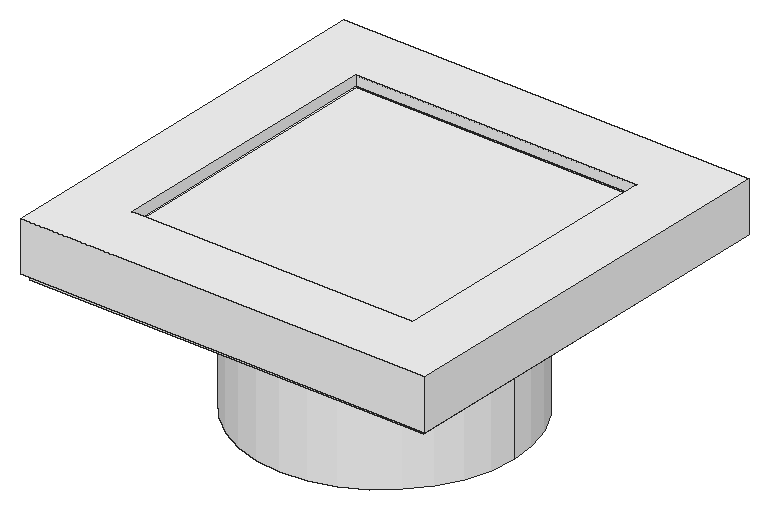
Revit family "Gira_012826", category Electrical Fixtures, host Face, Revit 2017
Family settings
  Host = Face
  Maintain Annotation Orientation = Yes
  Round Connector Dimension = Use Diameter
  Part Type = Normal
  Cut with Voids When Loaded = No
  Shared = No
  Room Calculation Point = No
Parameters (values of type "Tastschalter Wechselsch. 2f System 55 F Alu")
  Zusammenstellung = "Basiselement mit zentraler Abdeckplatte"
  White [instance] = White
  Werkstoffgüte = "sonstige"
  Werkstoff = "sonstige"
  Waschmaschinenschalter = "No"
  URL = "http://katalog.gira.de/de_DE/datenblatt.html?artikelnr=012826"
  Textfeld/Beschriftungsfläche = "nein"
  Tastschalter = "Yes"
  Schaltungsart = "Wechsel-/Wechselschalter"
  Rückmeldekontakt = "No"
  Region = "DE"
  Oberfläche = "sonstige"
  Nennspannung = "250 Volt"
  Name = "Tastschalter Wechselsch. 2f System 55 F Alu"
  Montageart = "unter Putz"
  Model = "Sys55_Komplettgerät_Schalten und Tasten"
  Mit Montageplatte = "No"
  Manufacturer URL = "https://www.gira.de/"
  HeinzeBIM = "https://bimportal.heinze.de/bim/tastschalter-wechselsch-2f-system-55-f-alu/2f7c361a5b53bc85409570c9cb43cc0e9fb6b72d"
  Halogenfrei = "No"
  HAN = "012826"
  Geeignet für Schutzart (IP) = "IP20"
  GTIN = "4010337128267"
  Farbe = "aluminium"
  Default Elevation = 1219.2 mm
  Data sheet (1) = "https://katalog.gira.de/de_DE/download.html?artikelnr=012826"
  Category = "Installationsschalter"
  Bemessungsstrom = "10 Ampere"
  Beleuchtung = "nein"
  Befestigungsart = "Krallen-/Schraubbefestigung"
  Bedienungsart = "Wippe/Taste"
  Available = "Yes"
  Anzahl der Module (bei Modulbauweise) = "1 "
  Anzahl der Betätigungswippen = "2 "
  Anschlussart = "Steckklemme"
Reference planes
  plane 1 "Center (Front/Back)": y = 0
  plane 2: z = 0
  plane 3 "Center (Left/Right)": x = 0
Forms (mm)
  Extrusion 1, solid, material "White" <- "White", detail levels medium
    sketch origin (0, 0, 0) x (1, 0, 0) y (0, 1, 0)
      loop
        line (-40.4, 40.4) -> (-40.4, -40.4) -> (40.4, -40.4) -> (40.4, 40.4) -> (-40.4, 40.4)
      loop
        line (-28, 28) -> (-28, -28) -> (28, -28) -> (28, 28) -> (-28, 28)
    from 0 to 10
  Extrusion 2, solid, material "White" <- "White", detail levels fine
    sketch origin (0, 0, 0) x (1, 0, 0) y (0, 1, 0)
      loop
        line (-40.4, 40.4) -> (-40.4, -40.4) -> (40.4, -40.4) -> (40.4, 40.4) -> (-40.4, 40.4)
      loop
        line (-28, 28) -> (-28, -28) -> (28, -28) -> (28, 28) -> (-28, 28)
    from 0 to 10
  Extrusion 3, void
    sketch origin (0, 0, 0) x (1, 0, 0) y (0, 1, 0)
      loop
        line (-38.4, 38.4) -> (-38.4, -38.4) -> (38.4, -38.4) -> (38.4, 38.4) -> (-38.4, 38.4)
    from 0 to 8
  Extrusion 4, solid, material "White" <- "White", detail levels medium+fine
    sketch origin (0, 0, 0) x (1, 0, 0) y (0, 1, 0)
      loop
        line (-39.4, 39.4) -> (-39.4, -39.4) -> (39.4, -39.4) -> (39.4, 39.4) -> (-39.4, 39.4)
    from 0 to -1
  Extrusion 5, solid, material "White" <- "White", detail levels medium+fine
    sketch origin (0, 0, 0) x (1, 0, 0) y (0, 1, 0)
      loop
        line (-35.5, 35.5) -> (-35.5, -35.5) -> (35.5, -35.5) -> (35.5, 35.5) -> (-35.5, 35.5)
    from -2 to -3
  Extrusion 6, solid, material "White" <- "White", detail levels medium+fine
    sketch origin (0, 0, 0) x (1, 0, 0) y (0, 1, 0)
      loop
        circle (0, 0) r 26
    from 0 to -27.5
  Extrusion 7, solid, material "White" <- "White", detail levels coarse
    sketch origin (0, 0, 0) x (1, 0, 0) y (0, 1, 0)
      loop
        line (-40.4, 40.4) -> (-40.4, -40.4) -> (40.4, -40.4) -> (40.4, 40.4) -> (-40.4, 40.4)
    from -27.5 to 10
Cuts and joins
  Extrusion 3 cuts Extrusion 2
Dimensions and locks
  aligned and locked: plane 2 to host face
  aligned and locked: level to host face
  aligned and locked: plane 3 "Center (Left/Right)" to nested 2
  aligned and locked: plane 1 "Center (Front/Back)" to nested 2
Nested families
  nested 1: "Sys55_Abdeckung_Schalten und Tasten_floor_base" at (0, 0, 0), type "Sys55_Abdeckung_Schalten und Tasten_floor_base"
  nested 2: "Schalter" at (0, 0, 0), type "Schalter"
Connectors
  electrical at (0, 0, -27.5)
    settings: on Extrusion 6, index 1, voltage 220 V, apparent load 0 VA, apparent load phase1 0 VA, apparent load phase2 0 VA, apparent load phase3 0 VA, power factor 1, load classification "Other", number of poles 1, system type 30, power factor state 1, is connector primary yes, connector utility no, sub classification motor no, connector description ""
Definition of nested family "Sys55_Abdeckung_Schalten und Tasten_floor_base"
  Parameters
    Default Elevation = 1219.2 mm
    White [instance] = none
  Reference planes
    plane 1 "Center (Front/Back)": y = 0
    plane 2: z = 0
    plane 3 "Center (Left/Right)": x = 0
  Forms (mm)
    Extrusion 1, solid
      sketch origin (0, 0, 0) x (1, 0, 0) y (0, 1, 0)
        loop
          line (-1219.2, 1219.2) -> (-1219.2, -1219.2) -> (1219.2, -1219.2) -> (1219.2, 1219.2) -> (-1219.2, 1219.2)
      from 0 to -304.8
    Extrusion 2, solid, material <- "White", detail levels fine
      sketch origin (0, 0, 0) x (1, 0, 0) y (0, 1, 0)
        loop
          line (-27.5, 27.5) -> (-27.5, -27.5) -> (27.5, -27.5) -> (27.5, 27.5) -> (-27.5, 27.5)
      from 0 to 8
    Extrusion 3, void
      sketch origin (0, 0, 0) x (1, 0, 0) y (0, 1, 0)
        loop
          line (26, 26) -> (-26, 26) -> (-26, -26) -> (26, -26) -> (26, 26)
      from 0 to 6
    Extrusion 4, solid, material <- "White", detail levels medium
      sketch origin (0, 0, 0) x (1, 0, 0) y (0, 1, 0)
        loop
          line (-27.5, 27.5) -> (-27.5, -27.5) -> (27.5, -27.5) -> (27.5, 27.5) -> (-27.5, 27.5)
      from 0 to 8
    Extrusion 5, solid, material <- "White", detail levels medium
      sketch origin (0, 0, 0) x (1, 0, 0) y (0, 1, 0)
        loop
          line (11, -17.5) -> (11, 17.5) -> (-11, 17.5) -> (-11, -17.5) -> (11, -17.5)
      from -6 to 6
    Extrusion 6, solid, material <- "White", detail levels fine
      sketch origin (0, 0, 0) x (1, 0, 0) y (0, 1, 0)
        loop
          line (11, 17.5) -> (-11, 17.5) -> (-11, 16.5) -> (11, 16.5) -> (11, 17.5)
        loop
          line (-11, -16.5) -> (-11, -17.5) -> (11, -17.5) -> (11, -16.5) -> (-11, -16.5)
      from -4 to 6
    Extrusion 7, solid, material <- "White", detail levels fine
      sketch origin (0, 0, 0) x (1, 0, 0) y (0, 1, 0)
        loop
          arc (5, 9.347) -> (0, 10.6) -> (-5, 9.347) r 10.6
          line (-5, 9.347) -> (-5, -9.347)
          arc (-5, -9.347) -> (0, -10.6) -> (5, -9.347) r 10.6
          line (5, -9.347) -> (5, 9.347)
      from -6 to 6
    Extrusion 8, solid, material <- "White", detail levels coarse
      sketch origin (0, 0, 0) x (1, 0, 0) y (0, 1, 0)
        loop
          line (-27.5, 27.5) -> (-27.5, -27.5) -> (27.5, -27.5) -> (27.5, 27.5) -> (-27.5, 27.5)
      from -6 to 8
  Cuts and joins
    Extrusion 3 cuts Extrusion 2
  Dimensions and locks
    aligned and locked: plane 2 to Extrusion 1
    aligned and locked: level to Extrusion 1
Definition of nested family "Schalter"
  Reference planes
    plane 1: y = 0
    plane 2: x = 0
  Lines and regions (mm)
    detail lines
      curve 1: circle (1.375, 2.778, 0) r 0.8 normal (0, 0, 1)
      curve 2: line (1.021, 2.061, 0) -> (0, 0, 0)
      curve 3: line (0, 0, 0) -> (-0.538, 0.266, 0)
  Dimensions and locks
    curve 2 to curve 2 = 2.3 mm
    curve 3 to curve 2 = 0.6 mm
    radius of curve 1 = 0.8 mm
